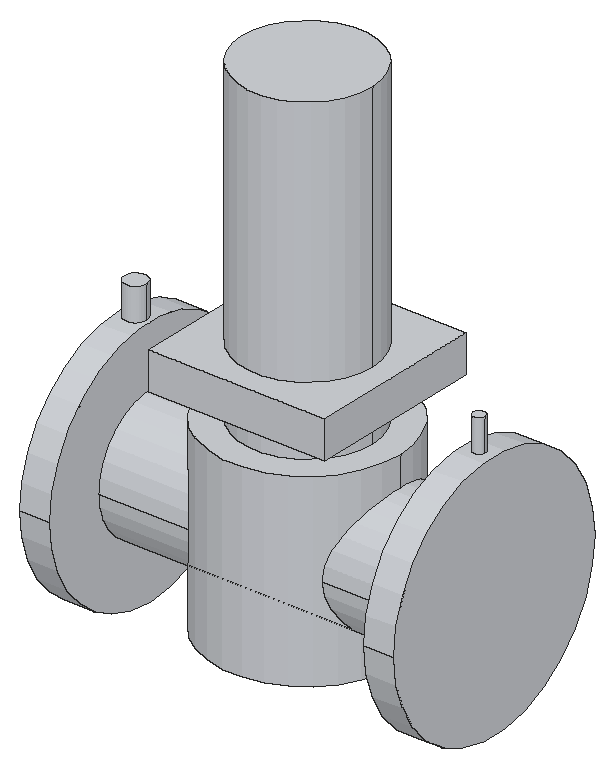
Revit family "PV_Compact_PN25_DN100_(50-200kPa)_RFA_2018", category Pipe Accessories, Revit 2018
Family settings
  Round Connector Dimension = Use Diameter
  Part Type = Valve - Breaks Into
  Work Plane-Based = No
  Always vertical = Yes
  Cut with Voids When Loaded = No
  Shared = No
Parameters (values of type "PV Compact PN25 DN100 (50-200kPa)")
  magiProductId = "7d735ad2cc7a4544b6e207f0b5dfca"
  magiProductFamilyId = "1af2f5f7761a4c5f850eea414834fa"
  magiPartTypeId = 304
  isMeasuringValve [instance] = no
  ang2D [instance] = 0.00°
  W2D = 50 mm
  VersionID = "2.0/2018.12.13.2/FRESE_PV_COMPACT_BIG_Q13_001"
  Use Minimum Symbol Size [instance] = no
  URL = "www.hydronic.cz"
  Type Comments = "PŘÍRUBOVÝ; PN25; dpmax=1000kPa; -10~+120°C"
  R4 = 61.25 mm
  R3 = 61.1 mm
  R1 = 87.5 mm
  QmdConnectorList = "301;D;302;D"
  Productdata [instance] = ""
  Manufacturer = "Hydronic Systems Prague s.r.o."
  Maintenance Zone Under Depth [instance] = 100 mm
  Maintenance Zone Right Depth [instance] = 100 mm
  Maintenance Zone Over Depth [instance] = 100 mm
  Maintenance Zone Left Depth [instance] = 100 mm
  Maintenance Zone Front Depth [instance] = 100 mm
  Maintenance Zone Back Depth [instance] = 100 mm
  Maintenance Zone Front Visibility [instance] = no
  MC Use Limits From Balancing Method = no
  MC Throttling Minimum Value = 0
  MC Throttling Maximum Value = 0
  MC Product Code = "53-3330 DN100 PN25; nastavitelný rozsah dp=20~100kPa; Q=20,3~81,3 m3/h;  kvs=115"
  MC Pressure Drop Minimum Value = 0.0 Pa
  MC Pressure Drop Maximum Value = 0.0 Pa
  MC Piping Given Pressure Drop [instance] = 0.0 Pa
  LF__ve = -LF  # -28 mm
  LF2 = 14 mm
  LF = 28 mm
  L4 = 164.5 mm
  L3 = 294 mm
  L2D_Min = 30.48 mm
  L2D = 230 mm
  L2 = 175 mm
  H6 = 234.75 mm
  H4 = 35.25 mm
  H3 = 29.375 mm
  H2 = 88.125 mm
  H1 = 176.25 mm
  Description = "Nastavitelný regulátor tlakové diference"
  DF2 = 117.5 mm
  D = 100 mm
  Clearance Zone Height Depth [instance] = 100 mm
  Clearance Zone Circular Radius [instance] = 175 mm
  Clearance Zone Visibility [instance] = no
  CAT0 = yes
Types (4, lengths in mm): name | magiProductId | R4 | R3 | R1 | MC Product Code | LF__ve | LF2 | LF | L4 | L3 | L2 | H6 | H4 | H3 | H2 | H1 | DF2 | D | Clearance Zone Circular Radius
  PV Compact PN25 DN050 (50-200kPa) | "08a421d9482846e584fc1251b4b528" | 40.25 | 42.9 | 57.5 | "53-3321 DN050 PN25; nastavitelný rozsah dp=20~100kPa; Q=5,1~20,5 m3/h;  kvs=29" | -18.4 | 9.2 | 18.4 | 108.1 | 193.2 | 115 | 82.25 | 24.75 | 20.625 | 61.875 | 123.75 | 82.5 | 50 | 115
  PV Compact PN25 DN065 (50-200kPa) | "3326a2f4bd724a059fd12b24a48407" | 50.75 | 48.1 | 72.5 | "53-3324 DN065 PN25; nastavitelný rozsah dp=20~100kPa; Q=7,4~29,7 m3/h;  kvs=42" | -23.2 | 11.6 | 23.2 | 136.3 | 243.6 | 145 | 105.25 | 27.75 | 23.125 | 69.375 | 138.75 | 92.5 | 65 | 145
  PV Compact PN25 DN080 (50-200kPa) | "aa373f4712fe4f789034ae13a1f456" | 54.25 | 52 | 77.5 | "53-3327 DN080 PN25; nastavitelný rozsah dp=20~100kPa; Q=11,7~47,4 m3/h;  kvs=67" | -24.8 | 12.4 | 24.8 | 145.7 | 260.4 | 155 | 141 | 30 | 25 | 75 | 150 | 100 | 80 | 155
  PV Compact PN25 DN100 (50-200kPa) | "7d735ad2cc7a4544b6e207f0b5dfca" | 61.25 | 61.1 | 87.5 | "53-3330 DN100 PN25; nastavitelný rozsah dp=20~100kPa; Q=20,3~81,3 m3/h;  kvs=115" | -28 | 14 | 28 | 164.5 | 294 | 175 | 234.75 | 35.25 | 29.375 | 88.125 | 176.25 | 117.5 | 100 | 175
Reference planes
  plane 1 "Center (Front/Back)": y = 0
  plane 2 "XYPLANE": z = 0
  plane 3 "Center (Left/Right)": x = 0
  plane 4 "257": y = -117.5
  plane 5 "256": y = 117.5
  plane 6 "255": z = -117.5
  plane 7 "254": y = -217.5
  plane 8 "253": y = 217.5
  plane 9 "252": x = -275
  plane 10 "251": x = 275
  plane 11 "250": z = 487.5
  plane 12 "249": z = -217.5
  plane 13 "248": z = 487.5
  plane 14 "247": z = 387.5
  plane 15 "157": x = 161
  plane 16 "156": x = -161
  plane 17 "155": z = 117.5
  plane 18 "154": z = 152.75
  plane 19 "153": z = 117.5
  plane 20 "152": z = 88.125
  plane 21 "151": x = -147
  plane 22 "150": z = -88.125
  plane 23 "149": x = 0
  plane 24 "148": y = 0
  plane 25 "147": z = 0
  plane 26 "146": x = -175
  plane 27 "145": x = 175
Forms (mm)
  Blend 1, solid, visible <- "Maintenance Zone Front Visibility"
    base sketch origin (-750, 0, -217.5) x (1, 0, 0) y (0, 1, 0)
      loop
        line (475, 217.5) -> (475, -217.5) -> (1025, -217.5) -> (1025, 217.5) -> (475, 217.5)
    top sketch origin (-750, 0, -217.5) x (1, 0, 0) y (0, 1, 0)
      loop
        line (475, 217.5) -> (475, -217.5) -> (1025, -217.5) -> (1025, 217.5) -> (475, 217.5)
    from 0 to 705
  Blend 2, solid, visible <- "Clearance Zone Visibility"
    base sketch origin (-750, 0, 0) x (1, 0, 0) y (0, 1, 0)
      loop
        circle (750, 0) r 175
    top sketch origin (-750, 0, 0) x (1, 0, 0) y (0, 1, 0)
      loop
        circle (750, 0) r 175
    from 0 to 487.5
  Extrusion 3, solid, visible <- "CAT0"
    sketch origin (-750, 0, 117.5) x (1, 0, 0) y (0, 1, 0)
      loop
        circle (911, 0) r 5.5
    from 0 to 30
  Extrusion 4, solid, visible <- "CAT0"
    sketch origin (-750, 0, 117.5) x (1, 0, 0) y (0, 1, 0)
      loop
        circle (589, 0) r 10.3
    from 0 to 30
  Extrusion 5, solid
    sketch origin (-750, 0, 152.75) x (1, 0, 0) y (0, 1, 0)
      loop
        circle (750, 0) r 61.25
    from 0 to 234.75 <- "H6"
  Extrusion 6, solid, visible <- "CAT0"
    sketch origin (-750, 0, 117.5) x (1, 0, 0) y (0, 1, 0)
      loop
        line (832.25, 82.25) -> (667.75, 82.25) -> (667.75, -82.25) -> (832.25, -82.25) -> (832.25, 82.25)
    from 0 to 35.25 <- "H4"
  Extrusion 7, solid, visible <- "CAT0"
    sketch origin (-750, 0, 88.125) x (1, 0, 0) y (0, 1, 0)
      loop
        circle (750, 0) r 61.25
    from 0 to 29.375 <- "H3"
  Extrusion 8, solid, visible <- "CAT0"
    sketch origin (-147, -750, 0) x (0, 1, 0) y (0, 0, 1)
      loop
        circle (750, 0) r 61.1
    from 0 to 294 <- "L3"
  Extrusion 9, solid, visible <- "CAT0"
    sketch origin (-750, 0, -88.125) x (1, 0, 0) y (0, 1, 0)
      loop
        circle (750, 0) r 87.5
    from 0 to 176.25 <- "H1"
  Extrusion 10, solid, visible <- "CAT0"
    sketch origin (-175, -750, 0) x (0, 1, 0) y (0, 0, 1)
      loop
        circle (750, 0) r 117.5
    from 0 to 28 <- "LF"
  Extrusion 11, solid, visible <- "CAT0"
    sketch origin (175, -750, 0) x (0, 1, 0) y (0, 0, 1)
      loop
        circle (750, 0) r 117.5
    from 0 to -28 <- "LF__ve"
  Extrusion 12, solid, not visible
    sketch origin (-175, -750, 0) x (0, 1, 0) y (0, 0, 1)
      loop
        circle (750, 0) r 10
    from 0 to 10
  Extrusion 13, solid, not visible
    sketch origin (175, -750, 0) x (0, 1, 0) y (0, 0, 1)
      loop
        circle (750, 0) r 10
    from 0 to -10
Lines and regions (mm)
  reference lines, not visible
    curve 1: circle (2, 2, 0) r 1 normal (0, 0, 1)
  reference lines
    curve 2: circle (0, 0, 117.5) r 1 normal (0, 0, 1)
Dimensions and locks
  plane 1 "Center (Front/Back)" to curve 1 = 2 mm
  "DF2": plane 24 "148" to plane 4 "257"
  "DF2": plane 24 "148" to plane 5 "256"
  "DF2": plane 25 "147" to plane 6 "255"
  "Maintenance Zone Front Depth": plane 4 "257" to plane 7 "254"
  "Maintenance Zone Back Depth": plane 5 "256" to plane 8 "253"
  "Maintenance Zone Left Depth": plane 26 "146" to plane 9 "252"
  "Maintenance Zone Right Depth": plane 27 "145" to plane 10 "251"
  "Maintenance Zone Over Depth": plane 14 "247" to plane 11 "250"
  "Maintenance Zone Under Depth": plane 6 "255" to plane 12 "249"
  "Clearance Zone Height Depth": plane 14 "247" to plane 13 "248"
  "H6": plane 18 "154" to plane 14 "247"
  "LF2": plane 27 "145" to plane 15 "157"
  "LF2": plane 26 "146" to plane 16 "156"
  "DF2": plane 2 "XYPLANE" to plane 17 "155"
  "H4": plane 19 "153" to plane 18 "154"
  "H3": plane 20 "152" to plane 19 "153"
  "H1": plane 22 "150" to plane 20 "152"
  "LF": plane 26 "146" to plane 21 "151"
  "H2": plane 2 "XYPLANE" to plane 22 "150"
  locked: plane 3 "Center (Left/Right)" to plane 23 "149"
  locked: plane 1 "Center (Front/Back)" to plane 24 "148"
  locked: plane 2 "XYPLANE" to plane 25 "147"
  "L2": plane 3 "Center (Left/Right)" to plane 26 "146"
  "L2": plane 3 "Center (Left/Right)" to plane 27 "145"
  Blend 1 sketch curve to Blend 1 sketch curve = 0 mm  (x16)
  equal spacing: Extrusion 6 sketch curve, curve 2, Extrusion 6 sketch curve  (x2)
  "L4": Extrusion 6 sketch curve to Extrusion 6 sketch curve  (x2)
  Extrusion 6 sketch curve to Extrusion 6 sketch curve = 0 mm  (x8)
  "Clearance Zone Circular Radius": radius of Blend 2 sketch curve  (x2)
  "R4": radius of Extrusion 5 sketch curve
  "R4": radius of Extrusion 7 sketch curve
  "R3": radius of Extrusion 8 sketch curve
  "R1": radius of Extrusion 9 sketch curve
  "DF2": radius of Extrusion 10 sketch curve
  "DF2": radius of Extrusion 11 sketch curve
  aligned and locked: level to plane 2 "XYPLANE"
  aligned and locked: Blend 1 sketch curve to plane 8 "253"  (x2)
  aligned and locked: plane 9 "252" to Blend 1 sketch curve  (x4)
  aligned and locked: plane 10 "251" to Blend 1 sketch curve  (x4)
  aligned and locked: plane 8 "253" to Blend 1 sketch curve  (x2)
  aligned and locked: plane 7 "254" to Blend 1 sketch curve  (x4)
  aligned and locked: plane 11 "250" to Blend 1
  aligned and locked: plane 23 "149" to Blend 2 sketch curve  (x2)
  aligned and locked: plane 24 "148" to Blend 2 sketch curve  (x2)
  aligned and locked: plane 13 "248" to Blend 2
  aligned and locked: plane 15 "157" to Extrusion 3 sketch curve
  aligned and locked: plane 24 "148" to Extrusion 3 sketch curve
  aligned and locked: plane 16 "156" to Extrusion 4 sketch curve
  aligned and locked: plane 24 "148" to Extrusion 4 sketch curve
  aligned and locked: plane 23 "149" to Extrusion 5 sketch curve
  aligned and locked: plane 24 "148" to Extrusion 5 sketch curve
  aligned and locked: plane 23 "149" to curve 2
  aligned and locked: plane 24 "148" to curve 2
  aligned and locked: plane 23 "149" to Extrusion 7 sketch curve
  aligned and locked: plane 24 "148" to Extrusion 7 sketch curve
  aligned and locked: Extrusion 8 sketch curve to plane 24 "148"
  aligned and locked: plane 25 "147" to Extrusion 8 sketch curve
  aligned and locked: plane 23 "149" to Extrusion 9 sketch curve
  aligned and locked: plane 24 "148" to Extrusion 9 sketch curve
  aligned and locked: Extrusion 10 sketch curve to plane 24 "148"
  aligned and locked: plane 25 "147" to Extrusion 10 sketch curve
  aligned and locked: Extrusion 11 sketch curve to plane 24 "148"
  aligned and locked: plane 25 "147" to Extrusion 11 sketch curve
  aligned and locked: Extrusion 12 sketch curve to plane 24 "148"
  aligned and locked: plane 25 "147" to Extrusion 12 sketch curve
  aligned and locked: Extrusion 13 sketch curve to plane 24 "148"
  aligned and locked: plane 25 "147" to Extrusion 13 sketch curve
Automatic sketch dimensions
  Extrusion 3 sketch curve to plane 15 "157" = 5.5 mm
  plane 26 "146" to Extrusion 4 sketch curve = 3.7 mm
  plane 1 "Center (Front/Back)" to Extrusion 12 sketch curve = 10 mm
  plane 1 "Center (Front/Back)" to Extrusion 13 sketch curve = 10 mm
  plane 3 "Center (Left/Right)" to curve 1 = 2 mm
  plane 21 "151" to Extrusion 6 sketch curve = 64.75 mm
  plane 4 "257" to Extrusion 6 sketch curve = 35.25 mm
  radius of curve 2 = 1 mm
  radius of curve 1 = 1 mm
Connectors
  piping at (-175, 0, 0), diameter 100, driven by "D"
    settings: on Extrusion 12, index 1, connector inside diameter 609.6 mm, connector length 0 mm, flow factor 0, pipe flow 0.0 L/s, pressure drop 0.0 Pa, fitting loss kfactor 0, connector angle 0.00°, fixture units 0, engagement length 0 mm, angle of deflection 0.00°, flow configuration 0, flow direction 0, fitting loss method 0, system type 29, joint type 0, gender type 0, connector reference index 2, connector utility 0, adjustable connector no, is connector primary yes, connector description ""
  piping at (175, 0, 0), diameter 100, driven by "D"
    settings: on Extrusion 13, index 2, connector inside diameter 609.6 mm, connector length 0 mm, flow factor 0, pipe flow 0.0 L/s, pressure drop 0.0 Pa, fitting loss kfactor 0, connector angle 0.00°, fixture units 0, engagement length 0 mm, angle of deflection 0.00°, flow configuration 0, flow direction 0, fitting loss method 0, system type 29, joint type 0, gender type 0, connector reference index 1, connector utility 0, adjustable connector no, is connector primary no, connector description ""
